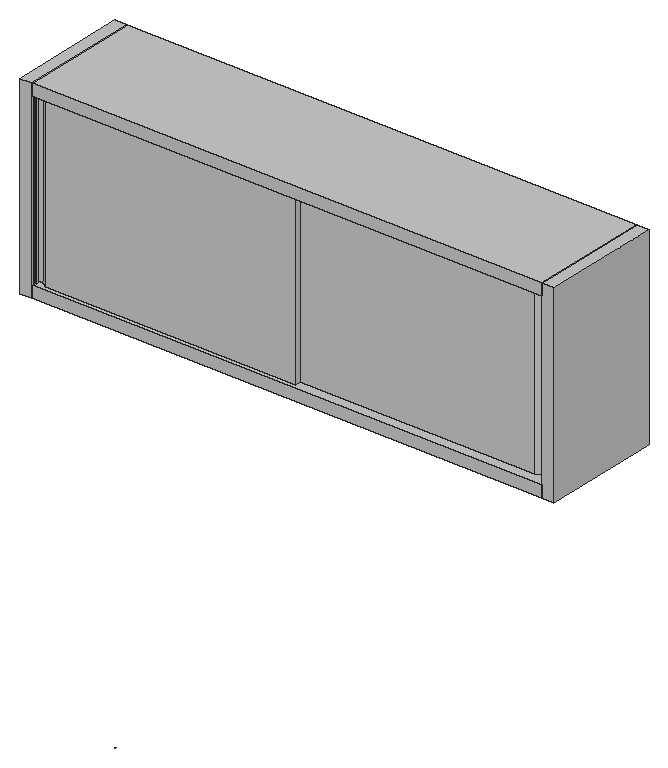
Revit family "QF_ELECTROLUXPROFESSIONAL_133122_PS1800EN", category Attrezzature speciali, Revit 2020
Family settings
  Quota connettore circolare = Usa diametro
  Tipo di parte = Normale
  Basato su piano di lavoro = No
  Sempre verticale = Sì
  Taglio con vuoti quando caricato = No
  Condiviso = No
  Punto di calcolo locali = No
Parameters (values of type "Standard")
  Weight = 33.00 kg
  Watts = 0 W
  Volts = 0 V
  URL Manufacturer = "https://www.electroluxprofessional.com/"
  URL = "https://www.electroluxprofessional.com/"
  Steam Supply Size = 0 mm
  Steam Supply Minimum Pressure = 0.0 Pa
  Steam Supply Maximum Pressure = 0.0 Pa
  Steam Consumption per Hour = 0
  Refrigeration Suction Line Size = 0.0 mm
  Refrigeration Liquid Line Size = 0.0 mm
  Refrigerant Compressor Remote = yes
  Prospetto di default = 0.0 mm
  Phase = 0
  Modello = "PS1800EN"
  Produttore = "Electrolux Professional"
  Length Actual = 1800.0 mm  # constant formula
  Item Number = "133122"
  Hot Water Size = 0 mm
  Height Actual = 650.0 mm  # constant formula
  HP = "0 HP"
  Gas Size = 0 mm
  Gas KW = 0
  Gas Input Pressure = 0 W
  Direct Waste Size = 0 mm
  Descrizione = "WALL CUPBOARD W/2 SLIDING DOORS 1800 MM"
  Depth Actual = 400.0 mm  # constant formula
  Cycle = 0 Hz
  Condensate Return Size = 0 mm
  Compressed Air Volume = 0.0 L/s
  Compressed Air Size = 0 mm
  Compressed Air Pressure = 0.0 Pa
  Cold Water Size = 0 mm
  Accessory = yes
Reference planes
  plane 1 "Center (Front/Back)": y = 0
  plane 2: z = 0
  plane 3 "Center (Left/Right)": x = -300
  plane 4 "LEFT": x = -1200
  plane 5 "RIGHT": x = 600
  plane 6 "BACK": y = 200
  plane 7 "FRONT": y = -200
  plane 8 "Base": z = 2200
  plane 9 "BASE": z = 1550
  plane 10: x = -1160
  plane 11: x = 560
  plane 12: y = -197
  plane 13: y = 150
  plane 14: y = 197
Forms (mm)
  Extrusion 1, solid, material "QF_Finishes_Stainless Steel"
    sketch origin (0, 0, 1550) x (-1, 0, 0) y (0, -1, 0)
      loop
        line (1200, -200) -> (1200, 200) -> (1160, 200) -> (1160, -200) -> (1200, -200)
      loop
        line (-560, -200) -> (-560, 200) -> (-600, 200) -> (-600, -200) -> (-560, -200)
    from 0 to 650
  Extrusion 2, solid, material "QF_Finishes_Stainless Steel"
    sketch origin (0, 0, 1550) x (-1, 0, 0) y (0, -1, 0)
      loop
        line (1160, 200) -> (-560, 200) -> (-560, -200) -> (1160, -200) -> (1160, 200)
    from 0 to 40
  Extrusion 3, solid, material "QF_Finishes_Stainless Steel"
    sketch origin (0, 0, 0) x (1, 0, 0) y (0, 1, 0)
      loop
        line (-1160, -200) -> (560, -200) -> (560, 200) -> (-1160, 200) -> (-1160, -200)
    from 2160 to 2200
  Extrusion 4, solid, material "QF_Finishes_Stainless Steel"
    sketch origin (0, 0, 0) x (1, 0, 0) y (0, 1, 0)
      loop
        line (-273.481, -197) -> (-273.481, -177) -> (-1157, -177) -> (-1157, -197) -> (-1147, -197) -> (-1147, -194) -> (-1154, -194) -> (-1154, -182) -> (-1137, -182) -> (-1117, -197) -> (-273.481, -197)
    from 1597 to 2160
  Extrusion 5, solid, material "QF_Finishes_Stainless Steel"
    sketch origin (0, 0, 0) x (1, 0, 0) y (0, 1, 0)
      loop
        line (-326.5, -177) -> (517, -177) -> (537, -162) -> (554, -162) -> (554, -174) -> (547, -174) -> (547, -177) -> (557, -177) -> (557, -157) -> (-326.5, -157) -> (-326.5, -177)
    from 2160 to 1597
  Extrusion 6, solid, material "QF_Finishes_Stainless Steel"
    sketch origin (0, 0, 0) x (1, 0, 0) y (0, 1, 0)
      loop
        line (-273.481, 197) -> (-1117, 197) -> (-1137, 182) -> (-1154, 182) -> (-1154, 194) -> (-1147, 194) -> (-1147, 197) -> (-1157, 197) -> (-1157, 177) -> (-273.481, 177) -> (-273.481, 197)
    from 1597 to 2160
  Extrusion 7, solid, material "QF_Finishes_Stainless Steel"
    sketch origin (0, 0, 0) x (1, 0, 0) y (0, 1, 0)
      loop
        line (-326.5, 177) -> (-326.5, 157) -> (557, 157) -> (557, 177) -> (547, 177) -> (547, 174) -> (554, 174) -> (554, 162) -> (537, 162) -> (517, 177) -> (-326.5, 177)
    from 2160 to 1597
  Extrusion 8, solid, material "QF_Finishes_Stainless Steel"
    sketch origin (0, 0, 0) x (1, 0, 0) y (0, 1, 0)
      loop
        line (-1200, 200) -> (-1200, 199) -> (-1199, 199) -> (-1199, 200) -> (-1200, 200)
    from 0 to 1
Lines and regions (mm)
  symbolic lines, style "SpecialityEquipmentHiddenLines"
    curve 1: line (557, -157, 0) -> (-326.5, -157, 0)
    curve 2: line (-326.5, -157, 0) -> (-326.5, -177, 0)
    curve 3: line (517, -177, 0) -> (-1157, -177, 0)
    curve 4: line (-273.5, -177, 0) -> (-273.5, -197, 0)
    curve 5: line (-1157, -177, 0) -> (-1157, -197, 0)
    curve 6: line (-1119, -182, 0) -> (-1154, -182, 0)
    curve 20: line (557, 157, 0) -> (-326.5, 157, 0)
    curve 21: line (-326.5, 157, 0) -> (-326.5, 177, 0)
    curve 22: line (517, 177, 0) -> (-1157, 177, 0)
    curve 23: line (-273.5, 177, 0) -> (-273.5, 197, 0)
    curve 24: line (-1157, 177, 0) -> (-1157, 197, 0)
    curve 39: line (-1117, -197, 0) -> (-273.5, -197, 0)
    curve 40: line (-1157, -197, 0) -> (-1147, -197, 0)
    curve 41: line (-1147, 197, 0) -> (-1157, 197, 0)
    curve 42: line (-1117, 197, 0) -> (-273.5, 197, 0)
    curve 43: line (-1117, 197, 0) -> (-1132.886, 185.086, 0)
    curve 44: line (-1119, 182, 0) -> (-1154, 182, 0)
  symbolic lines
    curve 7: line (-1200, 200, 0) -> (600, -200, 0)
    curve 8: line (600, 200, 0) -> (-1200, -200, 0)
    curve 9: line (-1119, -182, 0) -> (-1117, -197, 0)
    curve 10: line (-1154, -182, 0) -> (-1154, -194, 0)
    curve 11: line (-1154, -194, 0) -> (-1147, -194, 0)
    curve 12: line (-1147, -194, 0) -> (-1147, -197, 0)
    curve 13: line (557, -157, 0) -> (557, -177, 0)
    curve 14: line (557, -177, 0) -> (547, -177, 0)
    curve 15: line (547, -177, 0) -> (547, -174, 0)
    curve 16: line (547, -174, 0) -> (554, -174, 0)
    curve 17: line (554, -174, 0) -> (554, -162, 0)
    curve 18: line (554, -162, 0) -> (537, -162, 0)
    curve 19: line (517, -177, 0) -> (537, -162, 0)
    curve 25: line (-1154, 182, 0) -> (-1154, 194, 0)
    curve 26: line (-1154, 194, 0) -> (-1147, 194, 0)
    curve 27: line (-1147, 194, 0) -> (-1147, 197, 0)
    curve 28: line (557, 157, 0) -> (557, 177, 0)
    curve 29: line (557, 177, 0) -> (547, 177, 0)
    curve 30: line (547, 177, 0) -> (547, 174, 0)
    curve 31: line (547, 174, 0) -> (554, 174, 0)
    curve 32: line (554, 174, 0) -> (554, 162, 0)
    curve 33: line (554, 162, 0) -> (537, 162, 0)
    curve 34: line (517, 177, 0) -> (537, 162, 0)
    curve 35: line (-1200, 200, 0) -> (600, 200, 0)
    curve 36: line (-1200, -200, 0) -> (-1200, 200, 0)
    curve 37: line (600, -200, 0) -> (-1200, -200, 0)
    curve 38: line (600, 200, 0) -> (600, -200, 0)
Dimensions and locks
  plane 4 "LEFT" to plane 5 "RIGHT" = 1800.0 mm
  equal spacing: plane 4 "LEFT", plane 3 "Center (Left/Right)", plane 5 "RIGHT"
  plane 6 "BACK" to plane 7 "FRONT" = 400.0 mm
  equal spacing: plane 6 "BACK", plane 1 "Center (Front/Back)", plane 7 "FRONT"
  plane 9 "BASE" to level = 1550.0 mm
  locked: plane 4 "LEFT" to plane 10 at 40
  locked: plane 11 to plane 5 "RIGHT" at 40
  plane 12 to plane 7 "FRONT" = 3.0 mm
  plane 6 "BACK" to plane 13 = 50.0 mm
  locked: plane 8 "Base" to plane 9 "BASE" at 650
  aligned and locked: level to plane 2
  aligned and locked: plane 8 "Base" to Extrusion 1
  aligned and locked: plane 6 "BACK" to Extrusion 1 sketch curve
  aligned and locked: Extrusion 1 sketch curve to plane 6 "BACK"
  aligned and locked: plane 7 "FRONT" to Extrusion 1 sketch curve
  aligned and locked: Extrusion 1 sketch curve to plane 7 "FRONT"
  aligned and locked: plane 10 to Extrusion 1
  aligned and locked: Extrusion 1 to plane 11
  aligned and locked: Extrusion 2 to plane 10
  aligned and locked: plane 11 to Extrusion 2
  aligned and locked: plane 8 "Base" to Extrusion 3
  aligned and locked: Extrusion 3 to plane 7 "FRONT"
  aligned and locked: Extrusion 2 to plane 7 "FRONT"
  aligned and locked: curve 43 to Extrusion 6
  aligned and locked: curve 44 to Extrusion 6
Automatic sketch dimensions
  Extrusion 1 sketch curve to plane 5 "RIGHT" = 0.0 mm
  Extrusion 1 sketch curve to plane 11 = 0.0 mm
  Extrusion 1 sketch curve to plane 10 = 0.0 mm
  Extrusion 1 sketch curve to plane 4 "LEFT" = 0.0 mm
  Extrusion 3 sketch curve to plane 10 = 0.0 mm
  Extrusion 3 sketch curve to plane 11 = 0.0 mm
  Extrusion 3 sketch curve to plane 12 = 3.0 mm
  Extrusion 3 sketch curve to plane 14 = 3.0 mm
  Extrusion 4 sketch curve to plane 12 = 0.0 mm  (x2)
  plane 10 to Extrusion 4 sketch curve = 3.0 mm
  Extrusion 4 sketch curve to Extrusion 4 sketch curve = 3.0 mm
  Extrusion 4 sketch curve to Extrusion 4 sketch curve = 7.0 mm
  Extrusion 4 sketch curve to Extrusion 4 sketch curve = 10.0 mm
  plane 3 "Center (Left/Right)" to Extrusion 4 sketch curve = 26.519 mm
  plane 12 to Extrusion 4 sketch curve = 3.0 mm
  Extrusion 4 sketch curve to Extrusion 4 sketch curve = 12.0 mm
  Extrusion 4 sketch curve to Extrusion 4 sketch curve = 20.0 mm  (x2)
  Extrusion 4 sketch curve to Extrusion 4 sketch curve = 0.0 mm
  Extrusion 5 sketch curve to plane 3 "Center (Left/Right)" = 26.5 mm
  plane 12 to Extrusion 5 sketch curve = 20.0 mm  (x2)
  Extrusion 5 sketch curve to plane 11 = 43.0 mm
  Extrusion 5 sketch curve to plane 11 = 23.0 mm
  Extrusion 5 sketch curve to plane 11 = 13.0 mm
  Extrusion 5 sketch curve to plane 11 = 6.0 mm
  Extrusion 5 sketch curve to plane 11 = 3.0 mm
  Extrusion 5 sketch curve to Extrusion 5 sketch curve = 3.0 mm
  Extrusion 5 sketch curve to Extrusion 5 sketch curve = 12.0 mm
  Extrusion 5 sketch curve to Extrusion 5 sketch curve = 20.0 mm
  plane 14 to Extrusion 6 sketch curve = 0.0 mm  (x2)
  Extrusion 6 sketch curve to plane 10 = 3.0 mm
  Extrusion 6 sketch curve to Extrusion 6 sketch curve = 3.0 mm
  Extrusion 6 sketch curve to Extrusion 6 sketch curve = 7.0 mm
  Extrusion 6 sketch curve to Extrusion 6 sketch curve = 10.0 mm
  Extrusion 6 sketch curve to plane 3 "Center (Left/Right)" = 26.519 mm
  Extrusion 6 sketch curve to plane 14 = 3.0 mm
  Extrusion 6 sketch curve to Extrusion 6 sketch curve = 12.0 mm
  Extrusion 6 sketch curve to Extrusion 6 sketch curve = 20.0 mm  (x2)
  Extrusion 6 sketch curve to Extrusion 6 sketch curve = 0.0 mm
  plane 3 "Center (Left/Right)" to Extrusion 7 sketch curve = 26.5 mm
  Extrusion 7 sketch curve to plane 14 = 20.0 mm  (x2)
  plane 11 to Extrusion 7 sketch curve = 43.0 mm
  plane 11 to Extrusion 7 sketch curve = 23.0 mm
  plane 11 to Extrusion 7 sketch curve = 13.0 mm
  plane 11 to Extrusion 7 sketch curve = 6.0 mm
  plane 11 to Extrusion 7 sketch curve = 3.0 mm
  Extrusion 7 sketch curve to Extrusion 7 sketch curve = 3.0 mm
  Extrusion 7 sketch curve to Extrusion 7 sketch curve = 12.0 mm
  plane 13 to Extrusion 7 sketch curve = 7.0 mm
  Extrusion 8 sketch curve to plane 6 "BACK" = 0.0 mm
  Extrusion 8 sketch curve to plane 4 "LEFT" = 0.0 mm
  plane 4 "LEFT" to Extrusion 8 sketch curve = 1.0 mm
  Extrusion 8 sketch curve to plane 6 "BACK" = 1.0 mm
  curve 37 to plane 4 "LEFT" = 0.0 mm
  curve 5 to plane 12 = 0.0 mm
  plane 14 to curve 24 = 0.0 mm
  curve 39 to plane 12 = 0.0 mm
  curve 38 to plane 5 "RIGHT" = 0.0 mm
  curve 7 to plane 7 "FRONT" = 0.0 mm
  curve 7 to plane 6 "BACK" = 0.0 mm
  plane 10 to curve 24 = 3.0 mm
  plane 10 to curve 5 = 3.0 mm
  curve 24 to curve 25 = 3.0 mm
  curve 3 to curve 6 = 3.0 mm
  plane 12 to curve 12 = 3.0 mm
  curve 10 to curve 12 = 7.0 mm
  curve 25 to curve 27 = 7.0 mm
  curve 12 to curve 39 = 30.0 mm
  curve 1 to plane 3 "Center (Left/Right)" = 26.5 mm
  curve 20 to plane 13 = 7.0 mm
  curve 20 to plane 3 "Center (Left/Right)" = 26.5 mm
  plane 3 "Center (Left/Right)" to curve 23 = 26.5 mm
  plane 3 "Center (Left/Right)" to curve 39 = 26.5 mm
  plane 12 to curve 3 = 20.0 mm
  curve 3 to plane 11 = 43.0 mm
  curve 34 to plane 11 = 43.0 mm
  curve 34 to plane 11 = 23.0 mm
  curve 18 to plane 11 = 23.0 mm
  curve 14 to plane 11 = 13.0 mm
  curve 29 to plane 11 = 13.0 mm
  curve 32 to plane 11 = 6.0 mm
  curve 17 to plane 11 = 6.0 mm
  curve 29 to plane 11 = 3.0 mm
  curve 13 to plane 11 = 3.0 mm
  curve 6 to curve 3 = 5.0 mm
  plane 12 to curve 13 = 20.0 mm
  curve 14 to curve 16 = 3.0 mm
  curve 15 to curve 19 = 12.0 mm
  curve 2 to curve 2 = 20.0 mm
  curve 20 to curve 33 = 5.0 mm
  curve 32 to curve 31 = 12.0 mm
  curve 31 to curve 28 = 3.0 mm
  plane 14 to curve 26 = 3.0 mm
  plane 12 to curve 9 = 15.0 mm
  Extrusion 2 sketch curve to plane 7 "FRONT" = 0.0 mm
  Extrusion 2 sketch curve to plane 6 "BACK" = 0.0 mm
  Extrusion 2 sketch curve to plane 11 = 0.0 mm
  Extrusion 2 sketch curve to plane 10 = 0.0 mm
  plane 14 to curve 42 = 0.0 mm
  curve 22 to curve 25 = 5.0 mm
